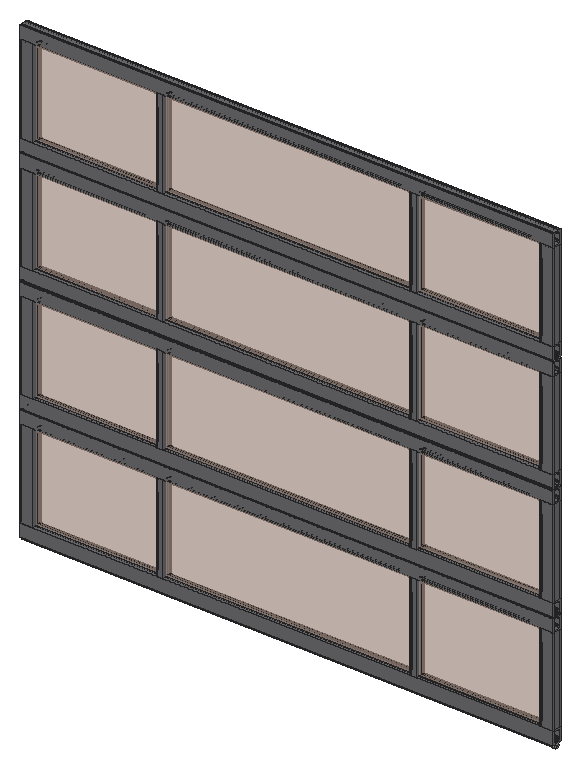
Revit family "GAS 12PUE CG", category Doors, host Wall, Revit 2024
Family settings
  Host = Wall
  OmniClass Number = 23.30.10.00
  OmniClass Title = Doors
  Always vertical = Yes
  Cut with Voids When Loaded = No
  Shared = No
  Room Calculation Point = No
Parameters
  Wall Opening [instance] = 2440 mm
  Function = Interior
  Frame Projection Ext. = 25 mm
  Frame Projection Int. = 25 mm
  Frame Width = 75 mm
  Height = 2135 mm
  Wall Closure = By host
  Width = 2440 mm
Reference planes
  plane 1: y = 0
  plane 2 "Center (Left/Right)": x = 0
  plane 3 "Left": x = -1220
  plane 4 "Right": x = 1220
  plane 5: z = 2135
  plane 6 "Exterior": y = 75
  plane 7 "Interior": y = -75
  plane 8 "Garage Bottom": y = 75
  plane 9 "Garage Left": x = 1250
  plane 10 "Garage Right": x = -1250
  plane 11 "Garage Top": z = 2170
  plane 12: y = -115
Forms (mm)
  Extrusion 1, solid, material "ALUMINIUM CHAR (TEST)"
    sketch origin (0, -40.1, 2189.909) x (0, -1, 0) y (0, 0, -1)
      loop
        line (75, 2170) -> (75, 2110) -> (85, 2110) -> (85, 2110.993) -> (83.5, 2111.395) -> (83.5, 2112.6) -> (101.75, 2112.6) -> (101.75, 2111.307) -> (99, 2111.066) -> (99, 2110) -> (119, 2110) -> (119, 2170) -> (115.1, 2170) -> (115.1, 2168.2) -> (117.2, 2168.2) -> (117.2, 2166.2) -> (109.1, 2166.2) -> (109.1, 2168.2) -> (111.1, 2168.2) -> (111.1, 2170) -> (82.9, 2170) -> (82.9, 2168.2) -> (84.9, 2168.2) -> (84.9, 2166.2) -> (76.8, 2166.2) -> (76.8, 2168.2) -> (78.9, 2168.2) -> (78.9, 2170) -> (75, 2170)
      loop
        line (117.25, 2157.453) -> (117.25, 2164.6) -> (107.3, 2164.6) -> (107.3, 2168.2) -> (86.7, 2168.2) -> (86.7, 2164.6) -> (76.75, 2164.6) -> (76.75, 2157.453) -> (77.3, 2156.5) -> (77.3, 2153.5) -> (76.75, 2152.547) -> (76.75, 2127.253) -> (77.3, 2126.3) -> (77.3, 2123.3) -> (76.75, 2122.347) -> (76.75, 2111.8) -> (81.7, 2111.8) -> (81.7, 2114.4) -> (103.55, 2114.4) -> (103.55, 2111.8) -> (117.25, 2111.8) -> (117.25, 2122.347) -> (116.7, 2123.3) -> (116.7, 2126.3) -> (117.25, 2127.253) -> (117.25, 2152.547) -> (116.7, 2153.5) -> (116.7, 2156.5) -> (117.25, 2157.453)
      loop
        line (75, 19.909) -> (78.9, 19.909) -> (78.9, 21.709) -> (76.8, 21.709) -> (76.8, 23.709) -> (84.9, 23.709) -> (84.9, 21.709) -> (82.9, 21.709) -> (82.9, 19.909) -> (111.1, 19.909) -> (111.1, 21.709) -> (109.1, 21.709) -> (109.1, 23.709) -> (117.2, 23.709) -> (117.2, 21.709) -> (115.1, 21.709) -> (115.1, 19.909) -> (119, 19.909) -> (119, 79.909) -> (99, 79.909) -> (99, 78.843) -> (101.75, 78.602) -> (101.75, 77.309) -> (83.5, 77.309) -> (83.5, 78.514) -> (85, 78.916) -> (85, 79.909) -> (75, 79.909) -> (75, 19.909)
      loop
        line (117.25, 32.456) -> (116.7, 33.409) -> (116.7, 36.409) -> (117.25, 37.361) -> (117.25, 62.656) -> (116.7, 63.609) -> (116.7, 66.609) -> (117.25, 67.561) -> (117.25, 78.109) -> (103.55, 78.109) -> (103.55, 75.509) -> (81.7, 75.509) -> (81.7, 78.109) -> (76.75, 78.109) -> (76.75, 67.561) -> (77.3, 66.609) -> (77.3, 63.609) -> (76.75, 62.656) -> (76.75, 37.361) -> (77.3, 36.409) -> (77.3, 33.409) -> (76.75, 32.456) -> (76.75, 25.309) -> (86.7, 25.309) -> (86.7, 21.709) -> (107.3, 21.709) -> (107.3, 25.309) -> (117.25, 25.309) -> (117.25, 32.456)
    from -1250 to 1250
  Extrusion 2, solid, material "ALUMINIUM CHAR (TEST)"
    sketch origin (0, -40.1, 3811.454) x (0, -1, 0) y (0, 0, -1)
      loop
        line (75, 3258.454) -> (78.9, 3258.454) -> (78.9, 3260.254) -> (76.8, 3260.254) -> (76.8, 3262.254) -> (84.9, 3262.254) -> (84.9, 3260.254) -> (82.9, 3260.254) -> (82.9, 3258.454) -> (111.1, 3258.454) -> (111.1, 3260.254) -> (109.1, 3260.254) -> (109.1, 3262.254) -> (117.2, 3262.254) -> (117.2, 3260.254) -> (115.1, 3260.254) -> (115.1, 3258.454) -> (119, 3258.454) -> (119, 3318.454) -> (99, 3318.454) -> (99, 3317.388) -> (101.75, 3317.148) -> (101.75, 3315.854) -> (83.5, 3315.854) -> (83.5, 3317.06) -> (85, 3317.461) -> (85, 3318.454) -> (75, 3318.454) -> (75, 3258.454)
      loop
        line (117.25, 3271.002) -> (116.7, 3271.954) -> (116.7, 3274.954) -> (117.25, 3275.907) -> (117.25, 3301.202) -> (116.7, 3302.154) -> (116.7, 3305.154) -> (117.25, 3306.107) -> (117.25, 3316.654) -> (103.55, 3316.654) -> (103.55, 3314.054) -> (81.7, 3314.054) -> (81.7, 3316.654) -> (76.75, 3316.654) -> (76.75, 3306.107) -> (77.3, 3305.154) -> (77.3, 3302.154) -> (76.75, 3301.202) -> (76.75, 3275.907) -> (77.3, 3274.954) -> (77.3, 3271.954) -> (76.75, 3271.002) -> (76.75, 3263.854) -> (86.7, 3263.854) -> (86.7, 3260.254) -> (107.3, 3260.254) -> (107.3, 3263.854) -> (117.25, 3263.854) -> (117.25, 3271.002)
      loop
        line (75, 3252.454) -> (75, 3192.454) -> (85, 3192.454) -> (85, 3193.447) -> (83.5, 3193.849) -> (83.5, 3195.054) -> (101.75, 3195.054) -> (101.75, 3193.761) -> (99, 3193.52) -> (99, 3192.454) -> (119, 3192.454) -> (119, 3252.454) -> (115.1, 3252.454) -> (115.1, 3250.654) -> (117.2, 3250.654) -> (117.2, 3248.654) -> (109.1, 3248.654) -> (109.1, 3250.654) -> (111.1, 3250.654) -> (111.1, 3252.454) -> (82.9, 3252.454) -> (82.9, 3250.654) -> (84.9, 3250.654) -> (84.9, 3248.654) -> (76.8, 3248.654) -> (76.8, 3250.654) -> (78.9, 3250.654) -> (78.9, 3252.454) -> (75, 3252.454)
      loop
        line (117.25, 3239.907) -> (117.25, 3247.054) -> (107.3, 3247.054) -> (107.3, 3250.654) -> (86.7, 3250.654) -> (86.7, 3247.054) -> (76.75, 3247.054) -> (76.75, 3239.907) -> (77.3, 3238.954) -> (77.3, 3235.954) -> (76.75, 3235.002) -> (76.75, 3209.707) -> (77.3, 3208.754) -> (77.3, 3205.754) -> (76.75, 3204.802) -> (76.75, 3194.254) -> (81.7, 3194.254) -> (81.7, 3196.854) -> (103.55, 3196.854) -> (103.55, 3194.254) -> (117.25, 3194.254) -> (117.25, 3204.802) -> (116.7, 3205.754) -> (116.7, 3208.754) -> (117.25, 3209.707) -> (117.25, 3235.002) -> (116.7, 3235.954) -> (116.7, 3238.954) -> (117.25, 3239.907)
      loop
        line (75, 2719.454) -> (78.9, 2719.454) -> (78.9, 2721.254) -> (76.8, 2721.254) -> (76.8, 2723.254) -> (84.9, 2723.254) -> (84.9, 2721.254) -> (82.9, 2721.254) -> (82.9, 2719.454) -> (111.1, 2719.454) -> (111.1, 2721.254) -> (109.1, 2721.254) -> (109.1, 2723.254) -> (117.2, 2723.254) -> (117.2, 2721.254) -> (115.1, 2721.254) -> (115.1, 2719.454) -> (119, 2719.454) -> (119, 2779.454) -> (99, 2779.454) -> (99, 2778.388) -> (101.75, 2778.148) -> (101.75, 2776.854) -> (83.5, 2776.854) -> (83.5, 2778.06) -> (85, 2778.461) -> (85, 2779.454) -> (75, 2779.454) -> (75, 2719.454)
      loop
        line (117.25, 2732.002) -> (116.7, 2732.954) -> (116.7, 2735.954) -> (117.25, 2736.907) -> (117.25, 2762.202) -> (116.7, 2763.154) -> (116.7, 2766.154) -> (117.25, 2767.107) -> (117.25, 2777.654) -> (103.55, 2777.654) -> (103.55, 2775.054) -> (81.7, 2775.054) -> (81.7, 2777.654) -> (76.75, 2777.654) -> (76.75, 2767.107) -> (77.3, 2766.154) -> (77.3, 2763.154) -> (76.75, 2762.202) -> (76.75, 2736.907) -> (77.3, 2735.954) -> (77.3, 2732.954) -> (76.75, 2732.002) -> (76.75, 2724.854) -> (86.7, 2724.854) -> (86.7, 2721.254) -> (107.3, 2721.254) -> (107.3, 2724.854) -> (117.25, 2724.854) -> (117.25, 2732.002)
      loop
        line (75, 2713.454) -> (75, 2653.454) -> (85, 2653.454) -> (85, 2654.447) -> (83.5, 2654.849) -> (83.5, 2656.054) -> (101.75, 2656.054) -> (101.75, 2654.761) -> (99, 2654.52) -> (99, 2653.454) -> (119, 2653.454) -> (119, 2713.454) -> (115.1, 2713.454) -> (115.1, 2711.654) -> (117.2, 2711.654) -> (117.2, 2709.654) -> (109.1, 2709.654) -> (109.1, 2711.654) -> (111.1, 2711.654) -> (111.1, 2713.454) -> (82.9, 2713.454) -> (82.9, 2711.654) -> (84.9, 2711.654) -> (84.9, 2709.654) -> (76.8, 2709.654) -> (76.8, 2711.654) -> (78.9, 2711.654) -> (78.9, 2713.454) -> (75, 2713.454)
      loop
        line (117.25, 2700.907) -> (117.25, 2708.054) -> (107.3, 2708.054) -> (107.3, 2711.654) -> (86.7, 2711.654) -> (86.7, 2708.054) -> (76.75, 2708.054) -> (76.75, 2700.907) -> (77.3, 2699.954) -> (77.3, 2696.954) -> (76.75, 2696.002) -> (76.75, 2670.707) -> (77.3, 2669.754) -> (77.3, 2666.754) -> (76.75, 2665.802) -> (76.75, 2655.254) -> (81.7, 2655.254) -> (81.7, 2657.854) -> (103.55, 2657.854) -> (103.55, 2655.254) -> (117.25, 2655.254) -> (117.25, 2665.802) -> (116.7, 2666.754) -> (116.7, 2669.754) -> (117.25, 2670.707) -> (117.25, 2696.002) -> (116.7, 2696.954) -> (116.7, 2699.954) -> (117.25, 2700.907)
      loop
        line (75, 2180.454) -> (78.9, 2180.454) -> (78.9, 2182.254) -> (76.8, 2182.254) -> (76.8, 2184.254) -> (84.9, 2184.254) -> (84.9, 2182.254) -> (82.9, 2182.254) -> (82.9, 2180.454) -> (111.1, 2180.454) -> (111.1, 2182.254) -> (109.1, 2182.254) -> (109.1, 2184.254) -> (117.2, 2184.254) -> (117.2, 2182.254) -> (115.1, 2182.254) -> (115.1, 2180.454) -> (119, 2180.454) -> (119, 2240.454) -> (99, 2240.454) -> (99, 2239.388) -> (101.75, 2239.148) -> (101.75, 2237.854) -> (83.5, 2237.854) -> (83.5, 2239.06) -> (85, 2239.461) -> (85, 2240.454) -> (75, 2240.454) -> (75, 2180.454)
      loop
        line (117.25, 2193.002) -> (116.7, 2193.954) -> (116.7, 2196.954) -> (117.25, 2197.907) -> (117.25, 2223.202) -> (116.7, 2224.154) -> (116.7, 2227.154) -> (117.25, 2228.107) -> (117.25, 2238.654) -> (103.55, 2238.654) -> (103.55, 2236.054) -> (81.7, 2236.054) -> (81.7, 2238.654) -> (76.75, 2238.654) -> (76.75, 2228.107) -> (77.3, 2227.154) -> (77.3, 2224.154) -> (76.75, 2223.202) -> (76.75, 2197.907) -> (77.3, 2196.954) -> (77.3, 2193.954) -> (76.75, 2193.002) -> (76.75, 2185.854) -> (86.7, 2185.854) -> (86.7, 2182.254) -> (107.3, 2182.254) -> (107.3, 2185.854) -> (117.25, 2185.854) -> (117.25, 2193.002)
      loop
        line (75, 2174.454) -> (75, 2114.454) -> (85, 2114.454) -> (85, 2115.447) -> (83.5, 2115.849) -> (83.5, 2117.054) -> (101.75, 2117.054) -> (101.75, 2115.761) -> (99, 2115.52) -> (99, 2114.454) -> (119, 2114.454) -> (119, 2174.454) -> (115.1, 2174.454) -> (115.1, 2172.654) -> (117.2, 2172.654) -> (117.2, 2170.654) -> (109.1, 2170.654) -> (109.1, 2172.654) -> (111.1, 2172.654) -> (111.1, 2174.454) -> (82.9, 2174.454) -> (82.9, 2172.654) -> (84.9, 2172.654) -> (84.9, 2170.654) -> (76.8, 2170.654) -> (76.8, 2172.654) -> (78.9, 2172.654) -> (78.9, 2174.454) -> (75, 2174.454)
      loop
        line (117.25, 2161.907) -> (117.25, 2169.054) -> (107.3, 2169.054) -> (107.3, 2172.654) -> (86.7, 2172.654) -> (86.7, 2169.054) -> (76.75, 2169.054) -> (76.75, 2161.907) -> (77.3, 2160.954) -> (77.3, 2157.954) -> (76.75, 2157.002) -> (76.75, 2131.707) -> (77.3, 2130.754) -> (77.3, 2127.754) -> (76.75, 2126.802) -> (76.75, 2116.254) -> (81.7, 2116.254) -> (81.7, 2118.854) -> (103.55, 2118.854) -> (103.55, 2116.254) -> (117.25, 2116.254) -> (117.25, 2126.802) -> (116.7, 2127.754) -> (116.7, 2130.754) -> (117.25, 2131.707) -> (117.25, 2157.002) -> (116.7, 2157.954) -> (116.7, 2160.954) -> (117.25, 2161.907)
    from -1250 to 1250
  Extrusion 3, solid, material "Rubber, Natural"
    sketch origin (0, -36.1, 0) x (0, 1, 0) y (0, 0, 1)
      loop
        line (-111, 19.909) -> (-111, 16.909) -> (-106, 16.909) -> (-106, 14.004)
        spline (-106, 14.004) -> (-109.192, 11.809) -> (-110.848, 8.808) -> (-110.659, 5.562) -> (-108.66, 2.681) -> (-105.226, 0.703) -> (-101, 0) -> (-96.774, 0.703) -> (-93.34, 2.681) -> (-91.341, 5.562) -> (-91.152, 8.808) -> (-92.808, 11.809) -> (-96, 14.004)
        line (-96, 14.004) -> (-96, 16.909) -> (-91, 16.909) -> (-91, 19.909) -> (-111, 19.909)
      loop
        line (-98, 16.909) -> (-104, 16.909) -> (-104, 14.633)
        arc (-104, 14.633) -> (-101, 15.009) -> (-98, 14.633) r 12.129
        line (-98, 14.633) -> (-98, 16.909)
      loop
        spline (-101, 1.513) -> (-98.929, 1.717) -> (-97, 2.316) -> (-95.343, 3.268) -> (-94.072, 4.509) -> (-93.273, 5.954) -> (-93, 7.505) -> (-93.273, 9.055) -> (-94.072, 10.501) -> (-95.343, 11.742) -> (-97, 12.694) -> (-98.929, 13.292) -> (-101, 13.496)
        spline (-101, 13.496) -> (-103.071, 13.292) -> (-105, 12.694) -> (-106.657, 11.742) -> (-107.928, 10.501) -> (-108.727, 9.055) -> (-109, 7.505) -> (-108.727, 5.954) -> (-107.928, 4.509) -> (-106.657, 3.268) -> (-105, 2.316) -> (-103.071, 1.717) -> (-101, 1.513)
    from -1250 to 1250
  Extrusion 4, solid, material "Rubber, Natural"
    sketch origin (0, -19.95, 1625.346) x (0, 1, 0) y (0, 0, 1)
      loop
        line (-104, 14.808) -> (-104, 13.808) -> (-101.5, 13.808) -> (-101.5, 11.781)
        spline (-101.5, 11.781) -> (-102.841, 11.479) -> (-103.739, 10.888) -> (-103.978, 10.15) -> (-103.501, 9.444) -> (-102.421, 8.938) -> (-101, 8.754) -> (-99.579, 8.938) -> (-98.499, 9.444) -> (-98.022, 10.15) -> (-98.261, 10.888) -> (-99.159, 11.479) -> (-100.5, 11.781)
        line (-100.5, 11.781) -> (-100.5, 13.808) -> (-98, 13.808) -> (-98, 14.808) -> (-104, 14.808)
      loop
        line (-136.3, 14.808) -> (-136.3, 13.808) -> (-133.8, 13.808) -> (-133.8, 11.781)
        spline (-133.8, 11.781) -> (-135.141, 11.479) -> (-136.039, 10.888) -> (-136.278, 10.15) -> (-135.801, 9.444) -> (-134.721, 8.938) -> (-133.3, 8.754) -> (-131.879, 8.938) -> (-130.799, 9.444) -> (-130.322, 10.15) -> (-130.561, 10.888) -> (-131.459, 11.479) -> (-132.8, 11.781)
        line (-132.8, 11.781) -> (-132.8, 13.808) -> (-130.3, 13.808) -> (-130.3, 14.808) -> (-136.3, 14.808)
      loop
        line (-104, 2.501) -> (-98, 2.501) -> (-98, 3.501) -> (-100.5, 3.501) -> (-100.5, 5.528)
        spline (-100.5, 5.528) -> (-99.159, 5.83) -> (-98.261, 6.421) -> (-98.022, 7.158) -> (-98.499, 7.865) -> (-99.579, 8.371) -> (-101, 8.554) -> (-102.421, 8.371) -> (-103.501, 7.865) -> (-103.978, 7.158) -> (-103.739, 6.421) -> (-102.841, 5.83) -> (-101.5, 5.528)
        line (-101.5, 5.528) -> (-101.5, 3.501) -> (-104, 3.501) -> (-104, 2.501)
      loop
        line (-136.3, 2.501) -> (-130.3, 2.501) -> (-130.3, 3.501) -> (-132.8, 3.501) -> (-132.8, 5.528)
        spline (-132.8, 5.528) -> (-131.459, 5.83) -> (-130.561, 6.421) -> (-130.322, 7.158) -> (-130.799, 7.865) -> (-131.879, 8.371) -> (-133.3, 8.554) -> (-134.721, 8.371) -> (-135.801, 7.865) -> (-136.278, 7.158) -> (-136.039, 6.421) -> (-135.141, 5.83) -> (-133.8, 5.528)
        line (-133.8, 5.528) -> (-133.8, 3.501) -> (-136.3, 3.501) -> (-136.3, 2.501)
      loop
        line (-104, -524.192) -> (-104, -525.192) -> (-101.5, -525.192) -> (-101.5, -527.219)
        spline (-101.5, -527.219) -> (-102.841, -527.521) -> (-103.739, -528.112) -> (-103.978, -528.85) -> (-103.501, -529.556) -> (-102.421, -530.062) -> (-101, -530.246) -> (-99.579, -530.062) -> (-98.499, -529.556) -> (-98.022, -528.85) -> (-98.261, -528.112) -> (-99.159, -527.521) -> (-100.5, -527.219)
        line (-100.5, -527.219) -> (-100.5, -525.192) -> (-98, -525.192) -> (-98, -524.192) -> (-104, -524.192)
      loop
        line (-136.3, -524.192) -> (-136.3, -525.192) -> (-133.8, -525.192) -> (-133.8, -527.219)
        spline (-133.8, -527.219) -> (-135.141, -527.521) -> (-136.039, -528.112) -> (-136.278, -528.85) -> (-135.801, -529.556) -> (-134.721, -530.062) -> (-133.3, -530.246) -> (-131.879, -530.062) -> (-130.799, -529.556) -> (-130.322, -528.85) -> (-130.561, -528.112) -> (-131.459, -527.521) -> (-132.8, -527.219)
        line (-132.8, -527.219) -> (-132.8, -525.192) -> (-130.3, -525.192) -> (-130.3, -524.192) -> (-136.3, -524.192)
      loop
        line (-104, -536.499) -> (-98, -536.499) -> (-98, -535.499) -> (-100.5, -535.499) -> (-100.5, -533.472)
        spline (-100.5, -533.472) -> (-99.159, -533.17) -> (-98.261, -532.579) -> (-98.022, -531.842) -> (-98.499, -531.135) -> (-99.579, -530.629) -> (-101, -530.446) -> (-102.421, -530.629) -> (-103.501, -531.135) -> (-103.978, -531.842) -> (-103.739, -532.579) -> (-102.841, -533.17) -> (-101.5, -533.472)
        line (-101.5, -533.472) -> (-101.5, -535.499) -> (-104, -535.499) -> (-104, -536.499)
      loop
        line (-136.3, -536.499) -> (-130.3, -536.499) -> (-130.3, -535.499) -> (-132.8, -535.499) -> (-132.8, -533.472)
        spline (-132.8, -533.472) -> (-131.459, -533.17) -> (-130.561, -532.579) -> (-130.322, -531.842) -> (-130.799, -531.135) -> (-131.879, -530.629) -> (-133.3, -530.446) -> (-134.721, -530.629) -> (-135.801, -531.135) -> (-136.278, -531.842) -> (-136.039, -532.579) -> (-135.141, -533.17) -> (-133.8, -533.472)
        line (-133.8, -533.472) -> (-133.8, -535.499) -> (-136.3, -535.499) -> (-136.3, -536.499)
      loop
        line (-104, -1063.192) -> (-104, -1064.192) -> (-101.5, -1064.192) -> (-101.5, -1066.219)
        spline (-101.5, -1066.219) -> (-102.841, -1066.521) -> (-103.739, -1067.112) -> (-103.978, -1067.85) -> (-103.501, -1068.556) -> (-102.421, -1069.062) -> (-101, -1069.246) -> (-99.579, -1069.062) -> (-98.499, -1068.556) -> (-98.022, -1067.85) -> (-98.261, -1067.112) -> (-99.159, -1066.521) -> (-100.5, -1066.219)
        line (-100.5, -1066.219) -> (-100.5, -1064.192) -> (-98, -1064.192) -> (-98, -1063.192) -> (-104, -1063.192)
      loop
        line (-136.3, -1063.192) -> (-136.3, -1064.192) -> (-133.8, -1064.192) -> (-133.8, -1066.219)
        spline (-133.8, -1066.219) -> (-135.141, -1066.521) -> (-136.039, -1067.112) -> (-136.278, -1067.85) -> (-135.801, -1068.556) -> (-134.721, -1069.062) -> (-133.3, -1069.246) -> (-131.879, -1069.062) -> (-130.799, -1068.556) -> (-130.322, -1067.85) -> (-130.561, -1067.112) -> (-131.459, -1066.521) -> (-132.8, -1066.219)
        line (-132.8, -1066.219) -> (-132.8, -1064.192) -> (-130.3, -1064.192) -> (-130.3, -1063.192) -> (-136.3, -1063.192)
      loop
        line (-104, -1075.499) -> (-98, -1075.499) -> (-98, -1074.499) -> (-100.5, -1074.499) -> (-100.5, -1072.472)
        spline (-100.5, -1072.472) -> (-99.159, -1072.17) -> (-98.261, -1071.579) -> (-98.022, -1070.842) -> (-98.499, -1070.135) -> (-99.579, -1069.629) -> (-101, -1069.446) -> (-102.421, -1069.629) -> (-103.501, -1070.135) -> (-103.978, -1070.842) -> (-103.739, -1071.579) -> (-102.841, -1072.17) -> (-101.5, -1072.472)
        line (-101.5, -1072.472) -> (-101.5, -1074.499) -> (-104, -1074.499) -> (-104, -1075.499)
      loop
        line (-136.3, -1075.499) -> (-130.3, -1075.499) -> (-130.3, -1074.499) -> (-132.8, -1074.499) -> (-132.8, -1072.472)
        spline (-132.8, -1072.472) -> (-131.459, -1072.17) -> (-130.561, -1071.579) -> (-130.322, -1070.842) -> (-130.799, -1070.135) -> (-131.879, -1069.629) -> (-133.3, -1069.446) -> (-134.721, -1069.629) -> (-135.801, -1070.135) -> (-136.278, -1070.842) -> (-136.039, -1071.579) -> (-135.141, -1072.17) -> (-133.8, -1072.472)
        line (-133.8, -1072.472) -> (-133.8, -1074.499) -> (-136.3, -1074.499) -> (-136.3, -1075.499)
    from -1250 to 1250
  Extrusion 5, solid, material "ALUMINIUM CHAR (TEST)"
    sketch origin (2744.172, 259.9, 1153.454) x (1, 0, 0) y (0, 1, 0)
      loop
        line (-3934.172, -375) -> (-3994.172, -375) -> (-3994.172, -378.9) -> (-3992.372, -378.9) -> (-3992.372, -376.8) -> (-3990.372, -376.8) -> (-3990.372, -384.9) -> (-3992.372, -384.9) -> (-3992.372, -382.9) -> (-3994.172, -382.9) -> (-3994.172, -411.1) -> (-3992.372, -411.1) -> (-3992.372, -409.1) -> (-3990.372, -409.1) -> (-3990.372, -417.2) -> (-3992.372, -417.2) -> (-3992.372, -415.1) -> (-3994.172, -415.1) -> (-3994.172, -419) -> (-3934.172, -419) -> (-3934.172, -399) -> (-3935.238, -399) -> (-3935.479, -401.75) -> (-3936.772, -401.75) -> (-3936.772, -383.5) -> (-3935.567, -383.5) -> (-3935.165, -385) -> (-3934.172, -385) -> (-3934.172, -375)
      loop
        line (-3988.772, -376.75) -> (-3988.772, -386.7) -> (-3992.372, -386.7) -> (-3992.372, -407.3) -> (-3988.772, -407.3) -> (-3988.772, -417.25) -> (-3981.625, -417.25) -> (-3980.672, -416.7) -> (-3977.672, -416.7) -> (-3976.72, -417.25) -> (-3951.425, -417.25) -> (-3950.472, -416.7) -> (-3947.472, -416.7) -> (-3946.52, -417.25) -> (-3935.972, -417.25) -> (-3935.972, -403.55) -> (-3938.572, -403.55) -> (-3938.572, -381.7) -> (-3935.972, -381.7) -> (-3935.972, -376.75) -> (-3946.52, -376.75) -> (-3947.472, -377.3) -> (-3950.472, -377.3) -> (-3951.425, -376.75) -> (-3976.72, -376.75) -> (-3977.672, -377.3) -> (-3980.672, -377.3) -> (-3981.625, -376.75) -> (-3988.772, -376.75)
      loop
        line (-1554.172, -375) -> (-1554.172, -385) -> (-1553.179, -385) -> (-1552.777, -383.5) -> (-1551.572, -383.5) -> (-1551.572, -401.75) -> (-1552.866, -401.75) -> (-1553.106, -399) -> (-1554.172, -399) -> (-1554.172, -419) -> (-1494.172, -419) -> (-1494.172, -415.1) -> (-1495.972, -415.1) -> (-1495.972, -417.2) -> (-1497.972, -417.2) -> (-1497.972, -409.1) -> (-1495.972, -409.1) -> (-1495.972, -411.1) -> (-1494.172, -411.1) -> (-1494.172, -382.9) -> (-1495.972, -382.9) -> (-1495.972, -384.9) -> (-1497.972, -384.9) -> (-1497.972, -376.8) -> (-1495.972, -376.8) -> (-1495.972, -378.9) -> (-1494.172, -378.9) -> (-1494.172, -375) -> (-1554.172, -375)
      loop
        line (-1507.672, -377.3) -> (-1510.672, -377.3) -> (-1511.625, -376.75) -> (-1536.92, -376.75) -> (-1537.872, -377.3) -> (-1540.872, -377.3) -> (-1541.825, -376.75) -> (-1552.372, -376.75) -> (-1552.372, -381.7) -> (-1549.772, -381.7) -> (-1549.772, -403.55) -> (-1552.372, -403.55) -> (-1552.372, -417.25) -> (-1541.825, -417.25) -> (-1540.872, -416.7) -> (-1537.872, -416.7) -> (-1536.92, -417.25) -> (-1511.625, -417.25) -> (-1510.672, -416.7) -> (-1507.672, -416.7) -> (-1506.72, -417.25) -> (-1499.572, -417.25) -> (-1499.572, -407.3) -> (-1495.972, -407.3) -> (-1495.972, -386.7) -> (-1499.572, -386.7) -> (-1499.572, -376.75) -> (-1506.72, -376.75) -> (-1507.672, -377.3)
      loop
        line (-3354.172, -385) -> (-3353.179, -385) -> (-3352.777, -383.5) -> (-3351.572, -383.5) -> (-3351.572, -401.75) -> (-3352.866, -401.75) -> (-3353.106, -399) -> (-3354.172, -399) -> (-3354.172, -419) -> (-3324.172, -419) -> (-3324.172, -399) -> (-3325.238, -399) -> (-3325.479, -401.75) -> (-3326.772, -401.75) -> (-3326.772, -383.5) -> (-3325.567, -383.5) -> (-3325.165, -385) -> (-3324.172, -385) -> (-3324.172, -375) -> (-3354.172, -375) -> (-3354.172, -385)
      loop
        line (-3352.372, -376.75) -> (-3352.372, -381.7) -> (-3349.772, -381.7) -> (-3349.772, -403.55) -> (-3352.372, -403.55) -> (-3352.372, -417.25) -> (-3325.972, -417.25) -> (-3325.972, -403.55) -> (-3328.572, -403.55) -> (-3328.572, -381.7) -> (-3325.972, -381.7) -> (-3325.972, -376.75) -> (-3352.372, -376.75)
      loop
        line (-2134.172, -385) -> (-2134.172, -375) -> (-2164.172, -375) -> (-2164.172, -385) -> (-2163.179, -385) -> (-2162.777, -383.5) -> (-2161.572, -383.5) -> (-2161.572, -401.75) -> (-2162.866, -401.75) -> (-2163.106, -399) -> (-2164.172, -399) -> (-2164.172, -419) -> (-2134.172, -419) -> (-2134.172, -399) -> (-2135.238, -399) -> (-2135.479, -401.75) -> (-2136.772, -401.75) -> (-2136.772, -383.5) -> (-2135.567, -383.5) -> (-2135.165, -385) -> (-2134.172, -385)
      loop
        line (-2135.972, -376.75) -> (-2162.372, -376.75) -> (-2162.372, -381.7) -> (-2159.772, -381.7) -> (-2159.772, -403.55) -> (-2162.372, -403.55) -> (-2162.372, -417.25) -> (-2135.972, -417.25) -> (-2135.972, -403.55) -> (-2138.572, -403.55) -> (-2138.572, -381.7) -> (-2135.972, -381.7) -> (-2135.972, -376.75)
    from 4.546 to 417.546
  Extrusion 6, solid, material "ALUMINIUM CHAR (TEST)"
    sketch origin (2744.172, 259.9, 612.954) x (1, 0, 0) y (0, 1, 0)
      loop
        line (-3934.172, -375) -> (-3994.172, -375) -> (-3994.172, -378.9) -> (-3992.372, -378.9) -> (-3992.372, -376.8) -> (-3990.372, -376.8) -> (-3990.372, -384.9) -> (-3992.372, -384.9) -> (-3992.372, -382.9) -> (-3994.172, -382.9) -> (-3994.172, -411.1) -> (-3992.372, -411.1) -> (-3992.372, -409.1) -> (-3990.372, -409.1) -> (-3990.372, -417.2) -> (-3992.372, -417.2) -> (-3992.372, -415.1) -> (-3994.172, -415.1) -> (-3994.172, -419) -> (-3934.172, -419) -> (-3934.172, -399) -> (-3935.238, -399) -> (-3935.479, -401.75) -> (-3936.772, -401.75) -> (-3936.772, -383.5) -> (-3935.567, -383.5) -> (-3935.165, -385) -> (-3934.172, -385) -> (-3934.172, -375)
      loop
        line (-3988.772, -376.75) -> (-3988.772, -386.7) -> (-3992.372, -386.7) -> (-3992.372, -407.3) -> (-3988.772, -407.3) -> (-3988.772, -417.25) -> (-3981.625, -417.25) -> (-3980.672, -416.7) -> (-3977.672, -416.7) -> (-3976.72, -417.25) -> (-3951.425, -417.25) -> (-3950.472, -416.7) -> (-3947.472, -416.7) -> (-3946.52, -417.25) -> (-3935.972, -417.25) -> (-3935.972, -403.55) -> (-3938.572, -403.55) -> (-3938.572, -381.7) -> (-3935.972, -381.7) -> (-3935.972, -376.75) -> (-3946.52, -376.75) -> (-3947.472, -377.3) -> (-3950.472, -377.3) -> (-3951.425, -376.75) -> (-3976.72, -376.75) -> (-3977.672, -377.3) -> (-3980.672, -377.3) -> (-3981.625, -376.75) -> (-3988.772, -376.75)
      loop
        line (-1554.172, -375) -> (-1554.172, -385) -> (-1553.179, -385) -> (-1552.777, -383.5) -> (-1551.572, -383.5) -> (-1551.572, -401.75) -> (-1552.866, -401.75) -> (-1553.106, -399) -> (-1554.172, -399) -> (-1554.172, -419) -> (-1494.172, -419) -> (-1494.172, -415.1) -> (-1495.972, -415.1) -> (-1495.972, -417.2) -> (-1497.972, -417.2) -> (-1497.972, -409.1) -> (-1495.972, -409.1) -> (-1495.972, -411.1) -> (-1494.172, -411.1) -> (-1494.172, -382.9) -> (-1495.972, -382.9) -> (-1495.972, -384.9) -> (-1497.972, -384.9) -> (-1497.972, -376.8) -> (-1495.972, -376.8) -> (-1495.972, -378.9) -> (-1494.172, -378.9) -> (-1494.172, -375) -> (-1554.172, -375)
      loop
        line (-1507.672, -377.3) -> (-1510.672, -377.3) -> (-1511.625, -376.75) -> (-1536.92, -376.75) -> (-1537.872, -377.3) -> (-1540.872, -377.3) -> (-1541.825, -376.75) -> (-1552.372, -376.75) -> (-1552.372, -381.7) -> (-1549.772, -381.7) -> (-1549.772, -403.55) -> (-1552.372, -403.55) -> (-1552.372, -417.25) -> (-1541.825, -417.25) -> (-1540.872, -416.7) -> (-1537.872, -416.7) -> (-1536.92, -417.25) -> (-1511.625, -417.25) -> (-1510.672, -416.7) -> (-1507.672, -416.7) -> (-1506.72, -417.25) -> (-1499.572, -417.25) -> (-1499.572, -407.3) -> (-1495.972, -407.3) -> (-1495.972, -386.7) -> (-1499.572, -386.7) -> (-1499.572, -376.75) -> (-1506.72, -376.75) -> (-1507.672, -377.3)
      loop
        line (-3324.172, -375) -> (-3354.172, -375) -> (-3354.172, -385) -> (-3353.179, -385) -> (-3352.777, -383.5) -> (-3351.572, -383.5) -> (-3351.572, -401.75) -> (-3352.866, -401.75) -> (-3353.106, -399) -> (-3354.172, -399) -> (-3354.172, -419) -> (-3324.172, -419) -> (-3324.172, -399) -> (-3325.238, -399) -> (-3325.479, -401.75) -> (-3326.772, -401.75) -> (-3326.772, -383.5) -> (-3325.567, -383.5) -> (-3325.165, -385) -> (-3324.172, -385) -> (-3324.172, -375)
      loop
        line (-3352.372, -376.75) -> (-3352.372, -381.7) -> (-3349.772, -381.7) -> (-3349.772, -403.55) -> (-3352.372, -403.55) -> (-3352.372, -417.25) -> (-3325.972, -417.25) -> (-3325.972, -403.55) -> (-3328.572, -403.55) -> (-3328.572, -381.7) -> (-3325.972, -381.7) -> (-3325.972, -376.75) -> (-3352.372, -376.75)
      loop
        line (-2164.172, -375) -> (-2164.172, -385) -> (-2163.179, -385) -> (-2162.777, -383.5) -> (-2161.572, -383.5) -> (-2161.572, -401.75) -> (-2162.866, -401.75) -> (-2163.106, -399) -> (-2164.172, -399) -> (-2164.172, -419) -> (-2134.172, -419) -> (-2134.172, -399) -> (-2135.238, -399) -> (-2135.479, -401.75) -> (-2136.772, -401.75) -> (-2136.772, -383.5) -> (-2135.567, -383.5) -> (-2135.165, -385) -> (-2134.172, -385) -> (-2134.172, -375) -> (-2164.172, -375)
      loop
        line (-2135.972, -376.75) -> (-2162.372, -376.75) -> (-2162.372, -381.7) -> (-2159.772, -381.7) -> (-2159.772, -403.55) -> (-2162.372, -403.55) -> (-2162.372, -417.25) -> (-2135.972, -417.25) -> (-2135.972, -403.55) -> (-2138.572, -403.55) -> (-2138.572, -381.7) -> (-2135.972, -381.7) -> (-2135.972, -376.75)
    from 6.046 to 419.046
  Extrusion 7, solid, material "ALUMINIUM CHAR (TEST)"
    sketch origin (2744.172, 259.9, 72.454) x (1, 0, 0) y (0, 1, 0)
      loop
        line (-3934.172, -375) -> (-3994.172, -375) -> (-3994.172, -378.9) -> (-3992.372, -378.9) -> (-3992.372, -376.8) -> (-3990.372, -376.8) -> (-3990.372, -384.9) -> (-3992.372, -384.9) -> (-3992.372, -382.9) -> (-3994.172, -382.9) -> (-3994.172, -411.1) -> (-3992.372, -411.1) -> (-3992.372, -409.1) -> (-3990.372, -409.1) -> (-3990.372, -417.2) -> (-3992.372, -417.2) -> (-3992.372, -415.1) -> (-3994.172, -415.1) -> (-3994.172, -419) -> (-3934.172, -419) -> (-3934.172, -399) -> (-3935.238, -399) -> (-3935.479, -401.75) -> (-3936.772, -401.75) -> (-3936.772, -383.5) -> (-3935.567, -383.5) -> (-3935.165, -385) -> (-3934.172, -385) -> (-3934.172, -375)
      loop
        line (-3988.772, -376.75) -> (-3988.772, -386.7) -> (-3992.372, -386.7) -> (-3992.372, -407.3) -> (-3988.772, -407.3) -> (-3988.772, -417.25) -> (-3981.625, -417.25) -> (-3980.672, -416.7) -> (-3977.672, -416.7) -> (-3976.72, -417.25) -> (-3951.425, -417.25) -> (-3950.472, -416.7) -> (-3947.472, -416.7) -> (-3946.52, -417.25) -> (-3935.972, -417.25) -> (-3935.972, -403.55) -> (-3938.572, -403.55) -> (-3938.572, -381.7) -> (-3935.972, -381.7) -> (-3935.972, -376.75) -> (-3946.52, -376.75) -> (-3947.472, -377.3) -> (-3950.472, -377.3) -> (-3951.425, -376.75) -> (-3976.72, -376.75) -> (-3977.672, -377.3) -> (-3980.672, -377.3) -> (-3981.625, -376.75) -> (-3988.772, -376.75)
      loop
        line (-1554.172, -375) -> (-1554.172, -385) -> (-1553.179, -385) -> (-1552.777, -383.5) -> (-1551.572, -383.5) -> (-1551.572, -401.75) -> (-1552.866, -401.75) -> (-1553.106, -399) -> (-1554.172, -399) -> (-1554.172, -419) -> (-1494.172, -419) -> (-1494.172, -415.1) -> (-1495.972, -415.1) -> (-1495.972, -417.2) -> (-1497.972, -417.2) -> (-1497.972, -409.1) -> (-1495.972, -409.1) -> (-1495.972, -411.1) -> (-1494.172, -411.1) -> (-1494.172, -382.9) -> (-1495.972, -382.9) -> (-1495.972, -384.9) -> (-1497.972, -384.9) -> (-1497.972, -376.8) -> (-1495.972, -376.8) -> (-1495.972, -378.9) -> (-1494.172, -378.9) -> (-1494.172, -375) -> (-1554.172, -375)
      loop
        line (-1507.672, -377.3) -> (-1510.672, -377.3) -> (-1511.625, -376.75) -> (-1536.92, -376.75) -> (-1537.872, -377.3) -> (-1540.872, -377.3) -> (-1541.825, -376.75) -> (-1552.372, -376.75) -> (-1552.372, -381.7) -> (-1549.772, -381.7) -> (-1549.772, -403.55) -> (-1552.372, -403.55) -> (-1552.372, -417.25) -> (-1541.825, -417.25) -> (-1540.872, -416.7) -> (-1537.872, -416.7) -> (-1536.92, -417.25) -> (-1511.625, -417.25) -> (-1510.672, -416.7) -> (-1507.672, -416.7) -> (-1506.72, -417.25) -> (-1499.572, -417.25) -> (-1499.572, -407.3) -> (-1495.972, -407.3) -> (-1495.972, -386.7) -> (-1499.572, -386.7) -> (-1499.572, -376.75) -> (-1506.72, -376.75) -> (-1507.672, -377.3)
      loop
        line (-2164.172, -375) -> (-2164.172, -385) -> (-2163.179, -385) -> (-2162.777, -383.5) -> (-2161.572, -383.5) -> (-2161.572, -401.75) -> (-2162.866, -401.75) -> (-2163.106, -399) -> (-2164.172, -399) -> (-2164.172, -419) -> (-2134.172, -419) -> (-2134.172, -399) -> (-2135.238, -399) -> (-2135.479, -401.75) -> (-2136.772, -401.75) -> (-2136.772, -383.5) -> (-2135.567, -383.5) -> (-2135.165, -385) -> (-2134.172, -385) -> (-2134.172, -375) -> (-2164.172, -375)
      loop
        line (-2135.972, -376.75) -> (-2162.372, -376.75) -> (-2162.372, -381.7) -> (-2159.772, -381.7) -> (-2159.772, -403.55) -> (-2162.372, -403.55) -> (-2162.372, -417.25) -> (-2135.972, -417.25) -> (-2135.972, -403.55) -> (-2138.572, -403.55) -> (-2138.572, -381.7) -> (-2135.972, -381.7) -> (-2135.972, -376.75)
      loop
        line (-3324.172, -375) -> (-3354.172, -375) -> (-3354.172, -385) -> (-3353.179, -385) -> (-3352.777, -383.5) -> (-3351.572, -383.5) -> (-3351.572, -401.75) -> (-3352.866, -401.75) -> (-3353.106, -399) -> (-3354.172, -399) -> (-3354.172, -419) -> (-3324.172, -419) -> (-3324.172, -399) -> (-3325.238, -399) -> (-3325.479, -401.75) -> (-3326.772, -401.75) -> (-3326.772, -383.5) -> (-3325.567, -383.5) -> (-3325.165, -385) -> (-3324.172, -385) -> (-3324.172, -375)
      loop
        line (-3352.372, -376.75) -> (-3352.372, -381.7) -> (-3349.772, -381.7) -> (-3349.772, -403.55) -> (-3352.372, -403.55) -> (-3352.372, -417.25) -> (-3325.972, -417.25) -> (-3325.972, -403.55) -> (-3328.572, -403.55) -> (-3328.572, -381.7) -> (-3325.972, -381.7) -> (-3325.972, -376.75) -> (-3352.372, -376.75)
    from 7.454 to 420.546
  Extrusion 8, solid, material "ALUMINIUM CHAR (TEST)"
    sketch origin (2744.172, 259.9, 1182.754) x (1, 0, 0) y (0, 1, 0)
      loop
        line (-3934.172, -375) -> (-3994.172, -375) -> (-3994.172, -378.9) -> (-3992.372, -378.9) -> (-3992.372, -376.8) -> (-3990.372, -376.8) -> (-3990.372, -384.9) -> (-3992.372, -384.9) -> (-3992.372, -382.9) -> (-3994.172, -382.9) -> (-3994.172, -411.1) -> (-3992.372, -411.1) -> (-3992.372, -409.1) -> (-3990.372, -409.1) -> (-3990.372, -417.2) -> (-3992.372, -417.2) -> (-3992.372, -415.1) -> (-3994.172, -415.1) -> (-3994.172, -419) -> (-3934.172, -419) -> (-3934.172, -399) -> (-3935.238, -399) -> (-3935.479, -401.75) -> (-3936.772, -401.75) -> (-3936.772, -383.5) -> (-3935.567, -383.5) -> (-3935.165, -385) -> (-3934.172, -385) -> (-3934.172, -375)
      loop
        line (-3988.772, -376.75) -> (-3988.772, -386.7) -> (-3992.372, -386.7) -> (-3992.372, -407.3) -> (-3988.772, -407.3) -> (-3988.772, -417.25) -> (-3981.625, -417.25) -> (-3980.672, -416.7) -> (-3977.672, -416.7) -> (-3976.72, -417.25) -> (-3951.425, -417.25) -> (-3950.472, -416.7) -> (-3947.472, -416.7) -> (-3946.52, -417.25) -> (-3935.972, -417.25) -> (-3935.972, -403.55) -> (-3938.572, -403.55) -> (-3938.572, -381.7) -> (-3935.972, -381.7) -> (-3935.972, -376.75) -> (-3946.52, -376.75) -> (-3947.472, -377.3) -> (-3950.472, -377.3) -> (-3951.425, -376.75) -> (-3976.72, -376.75) -> (-3977.672, -377.3) -> (-3980.672, -377.3) -> (-3981.625, -376.75) -> (-3988.772, -376.75)
      loop
        line (-1554.172, -375) -> (-1554.172, -385) -> (-1553.179, -385) -> (-1552.777, -383.5) -> (-1551.572, -383.5) -> (-1551.572, -401.75) -> (-1552.866, -401.75) -> (-1553.106, -399) -> (-1554.172, -399) -> (-1554.172, -419) -> (-1494.172, -419) -> (-1494.172, -415.1) -> (-1495.972, -415.1) -> (-1495.972, -417.2) -> (-1497.972, -417.2) -> (-1497.972, -409.1) -> (-1495.972, -409.1) -> (-1495.972, -411.1) -> (-1494.172, -411.1) -> (-1494.172, -382.9) -> (-1495.972, -382.9) -> (-1495.972, -384.9) -> (-1497.972, -384.9) -> (-1497.972, -376.8) -> (-1495.972, -376.8) -> (-1495.972, -378.9) -> (-1494.172, -378.9) -> (-1494.172, -375) -> (-1554.172, -375)
      loop
        line (-1507.672, -377.3) -> (-1510.672, -377.3) -> (-1511.625, -376.75) -> (-1536.92, -376.75) -> (-1537.872, -377.3) -> (-1540.872, -377.3) -> (-1541.825, -376.75) -> (-1552.372, -376.75) -> (-1552.372, -381.7) -> (-1549.772, -381.7) -> (-1549.772, -403.55) -> (-1552.372, -403.55) -> (-1552.372, -417.25) -> (-1541.825, -417.25) -> (-1540.872, -416.7) -> (-1537.872, -416.7) -> (-1536.92, -417.25) -> (-1511.625, -417.25) -> (-1510.672, -416.7) -> (-1507.672, -416.7) -> (-1506.72, -417.25) -> (-1499.572, -417.25) -> (-1499.572, -407.3) -> (-1495.972, -407.3) -> (-1495.972, -386.7) -> (-1499.572, -386.7) -> (-1499.572, -376.75) -> (-1506.72, -376.75) -> (-1507.672, -377.3)
      loop
        line (-3324.172, -375) -> (-3354.172, -375) -> (-3354.172, -385) -> (-3353.179, -385) -> (-3352.777, -383.5) -> (-3351.572, -383.5) -> (-3351.572, -401.75) -> (-3352.866, -401.75) -> (-3353.106, -399) -> (-3354.172, -399) -> (-3354.172, -419) -> (-3324.172, -419) -> (-3324.172, -399) -> (-3325.238, -399) -> (-3325.479, -401.75) -> (-3326.772, -401.75) -> (-3326.772, -383.5) -> (-3325.567, -383.5) -> (-3325.165, -385) -> (-3324.172, -385) -> (-3324.172, -375)
      loop
        line (-3352.372, -376.75) -> (-3352.372, -381.7) -> (-3349.772, -381.7) -> (-3349.772, -403.55) -> (-3352.372, -403.55) -> (-3352.372, -417.25) -> (-3325.972, -417.25) -> (-3325.972, -403.55) -> (-3328.572, -403.55) -> (-3328.572, -381.7) -> (-3325.972, -381.7) -> (-3325.972, -376.75) -> (-3352.372, -376.75)
      loop
        line (-2164.172, -375) -> (-2164.172, -385) -> (-2163.179, -385) -> (-2162.777, -383.5) -> (-2161.572, -383.5) -> (-2161.572, -401.75) -> (-2162.866, -401.75) -> (-2163.106, -399) -> (-2164.172, -399) -> (-2164.172, -419) -> (-2134.172, -419) -> (-2134.172, -399) -> (-2135.238, -399) -> (-2135.479, -401.75) -> (-2136.772, -401.75) -> (-2136.772, -383.5) -> (-2135.567, -383.5) -> (-2135.165, -385) -> (-2134.172, -385) -> (-2134.172, -375) -> (-2164.172, -375)
      loop
        line (-2135.972, -376.75) -> (-2162.372, -376.75) -> (-2162.372, -381.7) -> (-2159.772, -381.7) -> (-2159.772, -403.55) -> (-2162.372, -403.55) -> (-2162.372, -417.25) -> (-2135.972, -417.25) -> (-2135.972, -403.55) -> (-2138.572, -403.55) -> (-2138.572, -381.7) -> (-2135.972, -381.7) -> (-2135.972, -376.75)
    from 514.246 to 927.246
  Extrusion 9, solid, material "FROSTED BRONZE GLASS"
    sketch origin (-335.5, -147.287, 107.454) x (0, 1, 0) y (0, 0, -1)
      loop
        line (8.871, -2002.546) -> (8.871, -1589.546) -> (2.871, -1589.546) -> (2.871, -2002.546) -> (8.871, -2002.546)
    from 274.5 to 854.5
  Extrusion 10, solid, material "FROSTED BRONZE GLASS"
    sketch origin (335.5, -147.287, 107.454) x (0, 1, 0) y (0, 0, 1)
      loop
        line (8.871, 2002.546) -> (2.871, 2002.546) -> (2.871, 1589.546) -> (8.871, 1589.546) -> (8.871, 2002.546)
    from 274.5 to 854.5
  Sweep 11, solid, material "ALUMINIUM CHAR (TEST)"
    path origin (866.885, -68.525, 1749.939) x (1, 0, 0) y (0, 0, 1)
      loop
        line (323.108, 360.061) -> (-256.885, 360.061) -> (-256.885, -53.031) -> (323.108, -53.031) -> (323.108, 360.061)
    profile origin (899.996, -68.525, 2110) x (0, 0, -1) y (0, -1, 0)
      loop
        line (14.998, 68.891) -> (14.998, 69.891) -> (13.799, 69.891) -> (13.799, 69.054) -> (12.991, 69.054) -> (12.154, 69.891) -> (11.286, 69.891)
        arc (11.286, 69.891) -> (10.902, 69.429) -> (11.399, 69.091) r 0.406
        line (11.399, 69.091) -> (12.521, 67.969) -> (10.199, 65.647) -> (7.999, 67.847) -> (8.299, 69.091)
        arc (8.299, 69.091) -> (8.699, 69.491) -> (8.299, 69.891) r 0.4
        line (8.299, 69.891) -> (-1.4, 69.891) -> (-1.4, 72.391)
        arc (-1.4, 72.391) -> (-1.9, 72.891) -> (-2.4, 72.391) r 0.5
        line (-2.4, 72.391) -> (-2.4, 69.591)
        arc (-2.4, 69.591) -> (-2.165, 69.025) -> (-1.6, 68.791) r 0.8
        line (-1.6, 68.791) -> (6.899, 68.791) -> (6.899, 67.391) -> (9.421, 64.869) -> (1.1, 56.548) -> (1.1, 57.492)
        arc (1.1, 57.492) -> (0.953, 57.846) -> (0.6, 57.992) r 0.5
        line (0.6, 57.992) -> (-1.9, 57.992)
        arc (-1.9, 57.992) -> (-2.295, 57.799) -> (-2.384, 57.368) r 0.5
        arc (-2.384, 57.368) -> (-2.167, 56.551) -> (-1.4, 56.192) r 1
        line (-1.4, 56.192) -> (-0.833, 56.892) -> (0, 56.892) -> (0, 54.893)
        arc (0, 54.893) -> (0.333, 54.559) -> (0.788, 54.681) r 0.471
        line (0.788, 54.681) -> (14.998, 68.891)
  Sweep 12, solid, material "ALUMINIUM CHAR (TEST)"
    path origin (-866.885, -68.525, 1749.939) x (-1, 0, 0) y (0, 0, -1)
      loop
        line (323.108, -360.061) -> (323.108, 53.031) -> (-256.885, 53.031) -> (-256.885, -360.061) -> (323.108, -360.061)
    profile origin (-899.996, -68.525, 2110) x (0, 0, 1) y (0, -1, 0)
      loop
        line (-14.998, 68.891) -> (-0.788, 54.681)
        arc (-0.788, 54.681) -> (-0.333, 54.559) -> (0, 54.893) r 0.471
        line (0, 54.893) -> (0, 56.892) -> (0.833, 56.892) -> (1.4, 56.192)
        arc (1.4, 56.192) -> (2.167, 56.551) -> (2.384, 57.368) r 1
        arc (2.384, 57.368) -> (2.295, 57.799) -> (1.9, 57.992) r 0.5
        line (1.9, 57.992) -> (-0.6, 57.992)
        arc (-0.6, 57.992) -> (-0.953, 57.846) -> (-1.1, 57.492) r 0.5
        line (-1.1, 57.492) -> (-1.1, 56.548) -> (-9.421, 64.869) -> (-6.899, 67.391) -> (-6.899, 68.791) -> (1.6, 68.791)
        arc (1.6, 68.791) -> (2.165, 69.025) -> (2.4, 69.591) r 0.8
        line (2.4, 69.591) -> (2.4, 72.391)
        arc (2.4, 72.391) -> (1.9, 72.891) -> (1.4, 72.391) r 0.5
        line (1.4, 72.391) -> (1.4, 69.891) -> (-8.299, 69.891)
        arc (-8.299, 69.891) -> (-8.699, 69.491) -> (-8.299, 69.091) r 0.4
        line (-8.299, 69.091) -> (-7.999, 67.847) -> (-10.199, 65.647) -> (-12.521, 67.969) -> (-11.399, 69.091)
        arc (-11.399, 69.091) -> (-10.902, 69.429) -> (-11.286, 69.891) r 0.406
        line (-11.286, 69.891) -> (-12.154, 69.891) -> (-12.991, 69.054) -> (-13.799, 69.054) -> (-13.799, 69.891) -> (-14.998, 69.891) -> (-14.998, 68.891)
  Extrusion 13, solid, material "FROSTED BRONZE GLASS"
    sketch origin (-467.893, -147.287, 107.454) x (0, 1, 0) y (0, 0, 1)
      loop
        line (8.871, 2002.546) -> (2.871, 2002.546) -> (2.871, 1589.546) -> (8.871, 1589.546) -> (8.871, 2002.546)
    from -112.107 to 1047.893
  Sweep 14, solid, material "ALUMINIUM CHAR (TEST)"
    path origin (63.499, -68.525, 1749.939) x (1, 0, 0) y (0, 0, 1)
      loop
        line (516.501, 360.061) -> (-643.499, 360.061) -> (-643.499, -52.939) -> (516.501, -52.939) -> (516.501, 360.061)
    profile origin (0, -68.525, 2110) x (0, 0, -1) y (0, -1, 0)
      loop
        line (14.998, 68.891) -> (14.998, 69.891) -> (13.799, 69.891) -> (13.799, 69.054) -> (12.991, 69.054) -> (12.154, 69.891) -> (11.286, 69.891)
        arc (11.286, 69.891) -> (10.902, 69.429) -> (11.399, 69.091) r 0.406
        line (11.399, 69.091) -> (12.521, 67.969) -> (10.199, 65.647) -> (7.999, 67.847) -> (8.299, 69.091)
        arc (8.299, 69.091) -> (8.699, 69.491) -> (8.299, 69.891) r 0.4
        line (8.299, 69.891) -> (-1.4, 69.891) -> (-1.4, 72.391)
        arc (-1.4, 72.391) -> (-1.9, 72.891) -> (-2.4, 72.391) r 0.5
        line (-2.4, 72.391) -> (-2.4, 69.591)
        arc (-2.4, 69.591) -> (-2.165, 69.025) -> (-1.6, 68.791) r 0.8
        line (-1.6, 68.791) -> (6.899, 68.791) -> (6.899, 67.391) -> (9.421, 64.869) -> (1.1, 56.548) -> (1.1, 57.492)
        arc (1.1, 57.492) -> (0.953, 57.846) -> (0.6, 57.992) r 0.5
        line (0.6, 57.992) -> (-1.9, 57.992)
        arc (-1.9, 57.992) -> (-2.295, 57.799) -> (-2.384, 57.368) r 0.5
        arc (-2.384, 57.368) -> (-2.167, 56.551) -> (-1.4, 56.192) r 1
        line (-1.4, 56.192) -> (-0.833, 56.892) -> (0, 56.892) -> (0, 54.893)
        arc (0, 54.893) -> (0.333, 54.559) -> (0.788, 54.681) r 0.471
        line (0.788, 54.681) -> (14.998, 68.891)
  Sweep 15, solid, material "ALUMINIUM CHAR (TEST)"
    path origin (866.885, -68.525, 1210.939) x (1, 0, 0) y (0, 0, 1)
      loop
        line (323.108, 360.061) -> (-256.885, 360.061) -> (-256.885, -53.031) -> (323.108, -53.031) -> (323.108, 360.061)
    profile origin (899.996, -68.525, 1571) x (0, 0, -1) y (0, -1, 0)
      loop
        line (14.998, 68.891) -> (14.998, 69.891) -> (13.799, 69.891) -> (13.799, 69.054) -> (12.991, 69.054) -> (12.154, 69.891) -> (11.286, 69.891)
        arc (11.286, 69.891) -> (10.902, 69.429) -> (11.399, 69.091) r 0.406
        line (11.399, 69.091) -> (12.521, 67.969) -> (10.199, 65.647) -> (7.999, 67.847) -> (8.299, 69.091)
        arc (8.299, 69.091) -> (8.699, 69.491) -> (8.299, 69.891) r 0.4
        line (8.299, 69.891) -> (-1.4, 69.891) -> (-1.4, 72.391)
        arc (-1.4, 72.391) -> (-1.9, 72.891) -> (-2.4, 72.391) r 0.5
        line (-2.4, 72.391) -> (-2.4, 69.591)
        arc (-2.4, 69.591) -> (-2.165, 69.025) -> (-1.6, 68.791) r 0.8
        line (-1.6, 68.791) -> (6.899, 68.791) -> (6.899, 67.391) -> (9.421, 64.869) -> (1.1, 56.548) -> (1.1, 57.492)
        arc (1.1, 57.492) -> (0.953, 57.846) -> (0.6, 57.992) r 0.5
        line (0.6, 57.992) -> (-1.9, 57.992)
        arc (-1.9, 57.992) -> (-2.295, 57.799) -> (-2.384, 57.368) r 0.5
        arc (-2.384, 57.368) -> (-2.167, 56.551) -> (-1.4, 56.192) r 1
        line (-1.4, 56.192) -> (-0.833, 56.892) -> (0, 56.892) -> (0, 54.893)
        arc (0, 54.893) -> (0.333, 54.559) -> (0.788, 54.681) r 0.471
        line (0.788, 54.681) -> (14.998, 68.891)
  Sweep 16, solid, material "ALUMINIUM CHAR (TEST)"
    path origin (-866.885, -68.525, 1210.939) x (-1, 0, 0) y (0, 0, -1)
      loop
        line (323.108, -360.061) -> (323.108, 53.031) -> (-256.885, 53.031) -> (-256.885, -360.061) -> (323.108, -360.061)
    profile origin (-899.996, -68.525, 1571) x (0, 0, 1) y (0, -1, 0)
      loop
        line (-14.998, 68.891) -> (-0.788, 54.681)
        arc (-0.788, 54.681) -> (-0.333, 54.559) -> (0, 54.893) r 0.471
        line (0, 54.893) -> (0, 56.892) -> (0.833, 56.892) -> (1.4, 56.192)
        arc (1.4, 56.192) -> (2.167, 56.551) -> (2.384, 57.368) r 1
        arc (2.384, 57.368) -> (2.295, 57.799) -> (1.9, 57.992) r 0.5
        line (1.9, 57.992) -> (-0.6, 57.992)
        arc (-0.6, 57.992) -> (-0.953, 57.846) -> (-1.1, 57.492) r 0.5
        line (-1.1, 57.492) -> (-1.1, 56.548) -> (-9.421, 64.869) -> (-6.899, 67.391) -> (-6.899, 68.791) -> (1.6, 68.791)
        arc (1.6, 68.791) -> (2.165, 69.025) -> (2.4, 69.591) r 0.8
        line (2.4, 69.591) -> (2.4, 72.391)
        arc (2.4, 72.391) -> (1.9, 72.891) -> (1.4, 72.391) r 0.5
        line (1.4, 72.391) -> (1.4, 69.891) -> (-8.299, 69.891)
        arc (-8.299, 69.891) -> (-8.699, 69.491) -> (-8.299, 69.091) r 0.4
        line (-8.299, 69.091) -> (-7.999, 67.847) -> (-10.199, 65.647) -> (-12.521, 67.969) -> (-11.399, 69.091)
        arc (-11.399, 69.091) -> (-10.902, 69.429) -> (-11.286, 69.891) r 0.406
        line (-11.286, 69.891) -> (-12.154, 69.891) -> (-12.991, 69.054) -> (-13.799, 69.054) -> (-13.799, 69.891) -> (-14.998, 69.891) -> (-14.998, 68.891)
  Sweep 17, solid, material "ALUMINIUM CHAR (TEST)"
    path origin (63.499, -68.525, 1210.939) x (1, 0, 0) y (0, 0, 1)
      loop
        line (516.501, 360.061) -> (-643.499, 360.061) -> (-643.499, -52.939) -> (516.501, -52.939) -> (516.501, 360.061)
    profile origin (0, -68.525, 1571) x (0, 0, -1) y (0, -1, 0)
      loop
        line (14.998, 68.891) -> (14.998, 69.891) -> (13.799, 69.891) -> (13.799, 69.054) -> (12.991, 69.054) -> (12.154, 69.891) -> (11.286, 69.891)
        arc (11.286, 69.891) -> (10.902, 69.429) -> (11.399, 69.091) r 0.406
        line (11.399, 69.091) -> (12.521, 67.969) -> (10.199, 65.647) -> (7.999, 67.847) -> (8.299, 69.091)
        arc (8.299, 69.091) -> (8.699, 69.491) -> (8.299, 69.891) r 0.4
        line (8.299, 69.891) -> (-1.4, 69.891) -> (-1.4, 72.391)
        arc (-1.4, 72.391) -> (-1.9, 72.891) -> (-2.4, 72.391) r 0.5
        line (-2.4, 72.391) -> (-2.4, 69.591)
        arc (-2.4, 69.591) -> (-2.165, 69.025) -> (-1.6, 68.791) r 0.8
        line (-1.6, 68.791) -> (6.899, 68.791) -> (6.899, 67.391) -> (9.421, 64.869) -> (1.1, 56.548) -> (1.1, 57.492)
        arc (1.1, 57.492) -> (0.953, 57.846) -> (0.6, 57.992) r 0.5
        line (0.6, 57.992) -> (-1.9, 57.992)
        arc (-1.9, 57.992) -> (-2.295, 57.799) -> (-2.384, 57.368) r 0.5
        arc (-2.384, 57.368) -> (-2.167, 56.551) -> (-1.4, 56.192) r 1
        line (-1.4, 56.192) -> (-0.833, 56.892) -> (0, 56.892) -> (0, 54.893)
        arc (0, 54.893) -> (0.333, 54.559) -> (0.788, 54.681) r 0.471
        line (0.788, 54.681) -> (14.998, 68.891)
  Sweep 18, solid, material "ALUMINIUM CHAR (TEST)"
    path origin (866.885, -68.525, 671.939) x (1, 0, 0) y (0, 0, 1)
      loop
        line (323.108, 360.061) -> (-256.885, 360.061) -> (-256.885, -53.031) -> (323.108, -53.031) -> (323.108, 360.061)
    profile origin (899.996, -68.525, 1032) x (0, 0, -1) y (0, -1, 0)
      loop
        line (14.998, 68.891) -> (14.998, 69.891) -> (13.799, 69.891) -> (13.799, 69.054) -> (12.991, 69.054) -> (12.154, 69.891) -> (11.286, 69.891)
        arc (11.286, 69.891) -> (10.902, 69.429) -> (11.399, 69.091) r 0.406
        line (11.399, 69.091) -> (12.521, 67.969) -> (10.199, 65.647) -> (7.999, 67.847) -> (8.299, 69.091)
        arc (8.299, 69.091) -> (8.699, 69.491) -> (8.299, 69.891) r 0.4
        line (8.299, 69.891) -> (-1.4, 69.891) -> (-1.4, 72.391)
        arc (-1.4, 72.391) -> (-1.9, 72.891) -> (-2.4, 72.391) r 0.5
        line (-2.4, 72.391) -> (-2.4, 69.591)
        arc (-2.4, 69.591) -> (-2.165, 69.025) -> (-1.6, 68.791) r 0.8
        line (-1.6, 68.791) -> (6.899, 68.791) -> (6.899, 67.391) -> (9.421, 64.869) -> (1.1, 56.548) -> (1.1, 57.492)
        arc (1.1, 57.492) -> (0.953, 57.846) -> (0.6, 57.992) r 0.5
        line (0.6, 57.992) -> (-1.9, 57.992)
        arc (-1.9, 57.992) -> (-2.295, 57.799) -> (-2.384, 57.368) r 0.5
        arc (-2.384, 57.368) -> (-2.167, 56.551) -> (-1.4, 56.192) r 1
        line (-1.4, 56.192) -> (-0.833, 56.892) -> (0, 56.892) -> (0, 54.893)
        arc (0, 54.893) -> (0.333, 54.559) -> (0.788, 54.681) r 0.471
        line (0.788, 54.681) -> (14.998, 68.891)
  Sweep 19, solid, material "ALUMINIUM CHAR (TEST)"
    path origin (-866.885, -68.525, 671.939) x (-1, 0, 0) y (0, 0, -1)
      loop
        line (323.108, -360.061) -> (323.108, 53.031) -> (-256.885, 53.031) -> (-256.885, -360.061) -> (323.108, -360.061)
    profile origin (-899.996, -68.525, 1032) x (0, 0, 1) y (0, -1, 0)
      loop
        line (-14.998, 68.891) -> (-0.788, 54.681)
        arc (-0.788, 54.681) -> (-0.333, 54.559) -> (0, 54.893) r 0.471
        line (0, 54.893) -> (0, 56.892) -> (0.833, 56.892) -> (1.4, 56.192)
        arc (1.4, 56.192) -> (2.167, 56.551) -> (2.384, 57.368) r 1
        arc (2.384, 57.368) -> (2.295, 57.799) -> (1.9, 57.992) r 0.5
        line (1.9, 57.992) -> (-0.6, 57.992)
        arc (-0.6, 57.992) -> (-0.953, 57.846) -> (-1.1, 57.492) r 0.5
        line (-1.1, 57.492) -> (-1.1, 56.548) -> (-9.421, 64.869) -> (-6.899, 67.391) -> (-6.899, 68.791) -> (1.6, 68.791)
        arc (1.6, 68.791) -> (2.165, 69.025) -> (2.4, 69.591) r 0.8
        line (2.4, 69.591) -> (2.4, 72.391)
        arc (2.4, 72.391) -> (1.9, 72.891) -> (1.4, 72.391) r 0.5
        line (1.4, 72.391) -> (1.4, 69.891) -> (-8.299, 69.891)
        arc (-8.299, 69.891) -> (-8.699, 69.491) -> (-8.299, 69.091) r 0.4
        line (-8.299, 69.091) -> (-7.999, 67.847) -> (-10.199, 65.647) -> (-12.521, 67.969) -> (-11.399, 69.091)
        arc (-11.399, 69.091) -> (-10.902, 69.429) -> (-11.286, 69.891) r 0.406
        line (-11.286, 69.891) -> (-12.154, 69.891) -> (-12.991, 69.054) -> (-13.799, 69.054) -> (-13.799, 69.891) -> (-14.998, 69.891) -> (-14.998, 68.891)
  Sweep 20, solid, material "ALUMINIUM CHAR (TEST)"
    path origin (63.499, -68.525, 671.939) x (1, 0, 0) y (0, 0, 1)
      loop
        line (516.501, 360.061) -> (-643.499, 360.061) -> (-643.499, -52.939) -> (516.501, -52.939) -> (516.501, 360.061)
    profile origin (0, -68.525, 1032) x (0, 0, -1) y (0, -1, 0)
      loop
        line (14.998, 68.891) -> (14.998, 69.891) -> (13.799, 69.891) -> (13.799, 69.054) -> (12.991, 69.054) -> (12.154, 69.891) -> (11.286, 69.891)
        arc (11.286, 69.891) -> (10.902, 69.429) -> (11.399, 69.091) r 0.406
        line (11.399, 69.091) -> (12.521, 67.969) -> (10.199, 65.647) -> (7.999, 67.847) -> (8.299, 69.091)
        arc (8.299, 69.091) -> (8.699, 69.491) -> (8.299, 69.891) r 0.4
        line (8.299, 69.891) -> (-1.4, 69.891) -> (-1.4, 72.391)
        arc (-1.4, 72.391) -> (-1.9, 72.891) -> (-2.4, 72.391) r 0.5
        line (-2.4, 72.391) -> (-2.4, 69.591)
        arc (-2.4, 69.591) -> (-2.165, 69.025) -> (-1.6, 68.791) r 0.8
        line (-1.6, 68.791) -> (6.899, 68.791) -> (6.899, 67.391) -> (9.421, 64.869) -> (1.1, 56.548) -> (1.1, 57.492)
        arc (1.1, 57.492) -> (0.953, 57.846) -> (0.6, 57.992) r 0.5
        line (0.6, 57.992) -> (-1.9, 57.992)
        arc (-1.9, 57.992) -> (-2.295, 57.799) -> (-2.384, 57.368) r 0.5
        arc (-2.384, 57.368) -> (-2.167, 56.551) -> (-1.4, 56.192) r 1
        line (-1.4, 56.192) -> (-0.833, 56.892) -> (0, 56.892) -> (0, 54.893)
        arc (0, 54.893) -> (0.333, 54.559) -> (0.788, 54.681) r 0.471
        line (0.788, 54.681) -> (14.998, 68.891)
  Sweep 21, solid, material "ALUMINIUM CHAR (TEST)"
    path origin (866.885, -68.525, 132.939) x (1, 0, 0) y (0, 0, 1)
      loop
        line (323.108, 360.061) -> (-256.885, 360.061) -> (-256.885, -53.031) -> (323.108, -53.031) -> (323.108, 360.061)
    profile origin (899.996, -68.525, 493) x (0, 0, -1) y (0, -1, 0)
      loop
        line (14.998, 68.891) -> (14.998, 69.891) -> (13.799, 69.891) -> (13.799, 69.054) -> (12.991, 69.054) -> (12.154, 69.891) -> (11.286, 69.891)
        arc (11.286, 69.891) -> (10.902, 69.429) -> (11.399, 69.091) r 0.406
        line (11.399, 69.091) -> (12.521, 67.969) -> (10.199, 65.647) -> (7.999, 67.847) -> (8.299, 69.091)
        arc (8.299, 69.091) -> (8.699, 69.491) -> (8.299, 69.891) r 0.4
        line (8.299, 69.891) -> (-1.4, 69.891) -> (-1.4, 72.391)
        arc (-1.4, 72.391) -> (-1.9, 72.891) -> (-2.4, 72.391) r 0.5
        line (-2.4, 72.391) -> (-2.4, 69.591)
        arc (-2.4, 69.591) -> (-2.165, 69.025) -> (-1.6, 68.791) r 0.8
        line (-1.6, 68.791) -> (6.899, 68.791) -> (6.899, 67.391) -> (9.421, 64.869) -> (1.1, 56.548) -> (1.1, 57.492)
        arc (1.1, 57.492) -> (0.953, 57.846) -> (0.6, 57.992) r 0.5
        line (0.6, 57.992) -> (-1.9, 57.992)
        arc (-1.9, 57.992) -> (-2.295, 57.799) -> (-2.384, 57.368) r 0.5
